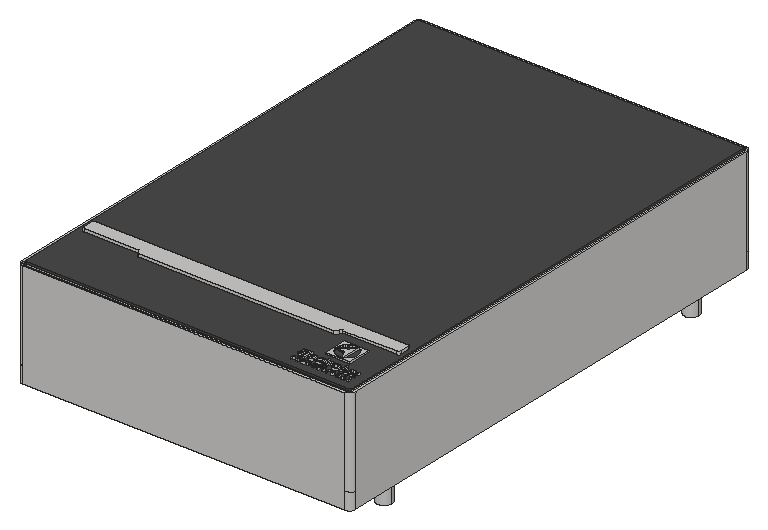
Revit family "QF_ELECTROLUXPROFESSIONAL_600877_E1HDEEOMCS", category Specialty Equipment, Revit 2018 (continued)
Definition of nested family "ELX_Logo_Professional"
  Forms (mm)
    Extrusion 2, solid
      sketch origin (-144.622, -1081.55, 0) x (-1, 0, 0) y (0, -1, 0)
        loop
          line (-146.239, -1091.065) -> (-145.452, -1092.432) -> (-144.488, -1093.693) -> (-143.367, -1094.833) -> (-142.111, -1095.838) -> (-140.741, -1096.693) -> (-139.278, -1097.383) -> (-137.743, -1097.894) -> (-136.157, -1098.211) -> (-134.541, -1098.32) -> (-131.822, -1098.32) -> (-131.976, -1096.81) -> (-132.312, -1095.353) -> (-132.818, -1093.961) -> (-133.481, -1092.644) -> (-134.291, -1091.416) -> (-135.235, -1090.288) -> (-136.302, -1089.272) -> (-137.48, -1088.379) -> (-138.757, -1087.622) -> (-140.121, -1087.012) -> (-141.56, -1086.561) -> (-143.063, -1086.281) -> (-144.633, -1086.183)
          arc (-144.633, -1086.183) -> (-145.985, -1086.264) -> (-147.323, -1086.473) r 14.39
        loop
          line (-111.329, -1069.559) -> (-111.329, -1071.073) -> (-116.048, -1071.073) -> (-116.048, -1072.896) -> (-111.328, -1072.896) -> (-111.328, -1075.549) -> (-116.349, -1075.549) -> (-116.349, -1077.368) -> (-109.396, -1077.368) -> (-109.396, -1073.46) -> (-109.396, -1069.659)
          arc (-109.396, -1069.659) -> (-110.425, -1067.175) -> (-112.909, -1066.146) r 3.513
          line (-112.909, -1066.146) -> (-116.483, -1066.146) -> (-116.483, -1067.963) -> (-112.925, -1067.963)
          arc (-112.925, -1067.963) -> (-111.797, -1068.431) -> (-111.329, -1069.559) r 1.596
        loop
          line (-119.79, -1077.358) -> (-117.856, -1077.358) -> (-117.856, -1072.053) -> (-117.856, -1066.132) -> (-119.79, -1066.132) -> (-119.79, -1072.092) -> (-119.79, -1077.358)
        loop
          line (-122.986, -1069.718) -> (-129.327, -1069.718)
          arc (-129.327, -1069.718) -> (-129.219, -1071.449) -> (-128.497, -1073.026) r 4.757
          arc (-128.497, -1073.026) -> (-125.237, -1074.5) -> (-121.978, -1073.026) r 4.34
          arc (-121.978, -1073.026) -> (-121.072, -1070.207) -> (-121.978, -1067.388) r 4.838
          arc (-121.978, -1067.388) -> (-125.393, -1065.933) -> (-128.809, -1067.388) r 4.737
          line (-128.809, -1067.388) -> (-127.645, -1068.52)
          arc (-127.645, -1068.52) -> (-125.509, -1067.576) -> (-123.374, -1068.52) r 2.888
          arc (-123.374, -1068.52) -> (-123.05, -1069.077) -> (-122.986, -1069.718) r 1.527
        loop
          arc (-127.386, -1071.076) -> (-126.67, -1072.331) -> (-125.331, -1072.872) r 2.201
          arc (-125.331, -1072.872) -> (-123.848, -1072.402) -> (-123.033, -1071.076) r 2.23
          line (-123.033, -1071.076) -> (-127.386, -1071.076)
        loop
          line (-136.862, -1071.886) -> (-138.059, -1073.132)
          arc (-138.059, -1073.132) -> (-130.327, -1070.219) -> (-138.059, -1067.306) r 4.415
          line (-138.059, -1067.306) -> (-136.862, -1068.553)
          arc (-136.862, -1068.553) -> (-132.252, -1070.22) -> (-136.862, -1071.886) r 2.606
        loop
          line (-141.192, -1069.673) -> (-141.192, -1072.494) -> (-142.951, -1072.494) -> (-142.951, -1074.25) -> (-141.195, -1074.25) -> (-141.195, -1077.358) -> (-139.262, -1077.358) -> (-139.262, -1073.332) -> (-139.262, -1069.514)
          arc (-139.262, -1069.514) -> (-140.299, -1066.92) -> (-142.98, -1066.132) r 3.196
          line (-142.98, -1066.132) -> (-142.987, -1067.949)
          arc (-142.987, -1067.949) -> (-141.652, -1068.356) -> (-141.192, -1069.673) r 1.542
        loop
          line (-146.494, -1073.042) -> (-146.494, -1074.25) -> (-144.576, -1074.25) -> (-144.576, -1070.271) -> (-144.576, -1066.132) -> (-146.494, -1066.132) -> (-146.494, -1070.401)
          arc (-146.494, -1070.401) -> (-147.446, -1072.228) -> (-149.489, -1072.494) r 2.229
          line (-149.489, -1072.494) -> (-149.489, -1074.362)
          arc (-149.489, -1074.362) -> (-147.761, -1074.226) -> (-146.494, -1073.042) r 2.627
        loop
          line (-159.833, -1072.246) -> (-159.833, -1066.131) -> (-161.767, -1066.131) -> (-161.767, -1072.17) -> (-161.767, -1077.359) -> (-159.833, -1077.359) -> (-159.833, -1072.246)
        loop
          line (-165.194, -1069.514) -> (-165.194, -1074.25) -> (-163.245, -1074.25) -> (-163.245, -1071.898) -> (-163.245, -1069.098)
          arc (-163.245, -1069.098) -> (-166.96, -1065.769) -> (-170.687, -1069.085) r 3.745
          line (-170.687, -1069.085) -> (-170.687, -1071.898) -> (-170.687, -1074.25) -> (-168.739, -1074.25) -> (-168.739, -1069.514)
          arc (-168.739, -1069.514) -> (-166.967, -1067.742) -> (-165.194, -1069.514) r 1.772
        loop
          line (-174.654, -1070.416) -> (-172.975, -1068.078) -> (-171.578, -1066.131) -> (-173.656, -1066.131) -> (-175.717, -1068.999) -> (-177.779, -1066.131) -> (-179.857, -1066.131) -> (-178, -1068.728) -> (-176.781, -1070.433) -> (-178.29, -1072.488) -> (-179.583, -1074.25) -> (-177.473, -1074.25) -> (-175.717, -1071.818) -> (-173.945, -1074.25) -> (-171.852, -1074.25) -> (-173.052, -1072.608) -> (-174.654, -1070.416)
        loop
          circle (-154.223, -1070.188) r 2.508
        loop
          circle (-154.223, -1070.188) r 4.42
        loop
          line (-110.224, -1058.542) -> (-111.194, -1058.542)
          arc (-111.194, -1058.542) -> (-112.217, -1059.95) -> (-110.924, -1061.114) r 1.3
          line (-110.924, -1061.114) -> (-109.424, -1061.114) -> (-109.424, -1057.223) -> (-110.224, -1057.223) -> (-110.224, -1058.542)
        loop
          line (-110.224, -1060.379) -> (-110.224, -1059.293) -> (-111.03, -1059.293)
          arc (-111.03, -1059.293) -> (-111.43, -1059.836) -> (-111.03, -1060.379) r 0.569
          line (-111.03, -1060.379) -> (-110.224, -1060.379)
        loop
          line (-116.302, -1058.564) -> (-117.128, -1058.564) -> (-117.934, -1057.223) -> (-118.841, -1057.223) -> (-117.833, -1058.884)
          arc (-117.833, -1058.884) -> (-118.214, -1060.282) -> (-117.028, -1061.114) r 1.26
          line (-117.028, -1061.114) -> (-115.503, -1061.114) -> (-115.503, -1057.223) -> (-116.302, -1057.223) -> (-116.302, -1058.564)
        loop
          line (-116.302, -1060.379) -> (-116.302, -1059.293) -> (-117.109, -1059.293)
          arc (-117.109, -1059.293) -> (-117.508, -1059.836) -> (-117.109, -1060.379) r 0.569
          line (-117.109, -1060.379) -> (-116.302, -1060.379)
        loop
          line (-128.923, -1057.223) -> (-129.723, -1057.223) -> (-129.723, -1058.714) -> (-131.187, -1058.714) -> (-131.187, -1059.514) -> (-129.723, -1059.514) -> (-129.723, -1060.314) -> (-131.327, -1060.314) -> (-131.327, -1061.114) -> (-128.923, -1061.114) -> (-128.923, -1057.223)
        loop
          arc (-134.628, -1058.469) -> (-134.992, -1057.588) -> (-135.874, -1057.223) r 1.246
          line (-135.874, -1057.223) -> (-137.13, -1057.223) -> (-137.13, -1058.023) -> (-135.969, -1058.023)
          arc (-135.969, -1058.023) -> (-135.53, -1058.237) -> (-135.427, -1058.714) r 0.558
          line (-135.427, -1058.714) -> (-136.984, -1058.714) -> (-136.984, -1059.514) -> (-135.427, -1059.514) -> (-135.427, -1060.314) -> (-137.092, -1060.314) -> (-137.092, -1061.114) -> (-134.628, -1061.114) -> (-134.628, -1058.469)
        loop
          line (-152.3, -1057.223) -> (-153.1, -1057.223) -> (-153.1, -1061.114) -> (-152.3, -1061.114) -> (-152.3, -1057.223)
        loop
          line (-164.67, -1057.223) -> (-164.67, -1059.67) -> (-166.45, -1057.223) -> (-167.25, -1057.223) -> (-167.25, -1061.114) -> (-166.42, -1061.114) -> (-166.42, -1058.594) -> (-164.64, -1061.114) -> (-163.84, -1061.114) -> (-163.84, -1057.223) -> (-164.67, -1057.223)
        loop
          line (-170.403, -1057.223) -> (-171.262, -1057.223) -> (-171.641, -1058.063) -> (-173.08, -1058.063) -> (-173.459, -1057.223) -> (-174.317, -1057.223) -> (-172.796, -1061.113) -> (-171.996, -1061.113) -> (-170.403, -1057.223)
        loop
          line (-177.493, -1057.223) -> (-179.789, -1057.223) -> (-179.789, -1058.023) -> (-178.293, -1058.023) -> (-178.293, -1061.114) -> (-177.493, -1061.114) -> (-177.493, -1057.223)
        loop
          line (-172.362, -1059.848) -> (-171.945, -1058.83) -> (-172.76, -1058.83) -> (-172.362, -1059.848)
        loop
          circle (-158.484, -1059.145) r 1.288
        loop
          circle (-158.484, -1059.145) r 2.065
        loop
          arc (-146.04, -1058.095) -> (-146.933, -1057.275) -> (-148.145, -1057.245) r 1.725
          arc (-148.145, -1057.245) -> (-148.965, -1058.02) -> (-148.68, -1059.111) r 1.107
          arc (-148.68, -1059.111) -> (-148.103, -1059.465) -> (-147.486, -1059.746) r 5.523
          arc (-147.486, -1059.746) -> (-147.147, -1060.262) -> (-147.708, -1060.52) r 0.407
          arc (-147.708, -1060.52) -> (-148.045, -1060.315) -> (-148.325, -1060.038) r 1.702
          line (-148.325, -1060.038) -> (-149.011, -1060.45)
          arc (-149.011, -1060.45) -> (-148.578, -1060.911) -> (-148.043, -1061.247) r 2.463
          arc (-148.043, -1061.247) -> (-146.373, -1060.466) -> (-147.42, -1058.949) r 1.207
          spline (-147.42, -1058.949) -> (-147.716, -1058.809) -> (-147.932, -1058.678) -> (-148.077, -1058.557) -> (-148.163, -1058.446) -> (-148.198, -1058.347) -> (-148.192, -1058.258) -> (-148.157, -1058.182) -> (-148.102, -1058.118) -> (-148.037, -1058.068) -> (-147.972, -1058.031) -> (-147.917, -1058.008) -> (-147.883, -1058)
          arc (-147.883, -1058) -> (-147.238, -1058.014) -> (-146.759, -1058.446) r 0.925
          line (-146.759, -1058.446) -> (-146.04, -1058.095)
        loop
          arc (-140.18, -1058.095) -> (-141.073, -1057.275) -> (-142.285, -1057.245) r 1.725
          arc (-142.285, -1057.245) -> (-143.106, -1058.02) -> (-142.821, -1059.111) r 1.107
          arc (-142.821, -1059.111) -> (-142.243, -1059.465) -> (-141.627, -1059.746) r 5.523
          arc (-141.627, -1059.746) -> (-141.287, -1060.262) -> (-141.849, -1060.52) r 0.407
          arc (-141.849, -1060.52) -> (-142.185, -1060.315) -> (-142.466, -1060.038) r 1.702
          line (-142.466, -1060.038) -> (-143.151, -1060.45)
          arc (-143.151, -1060.45) -> (-142.719, -1060.911) -> (-142.183, -1061.247) r 2.463
          arc (-142.183, -1061.247) -> (-140.513, -1060.466) -> (-141.56, -1058.949) r 1.207
          spline (-141.56, -1058.949) -> (-141.856, -1058.809) -> (-142.072, -1058.678) -> (-142.218, -1058.557) -> (-142.303, -1058.446) -> (-142.338, -1058.347) -> (-142.333, -1058.258) -> (-142.298, -1058.182) -> (-142.242, -1058.118) -> (-142.177, -1058.068) -> (-142.112, -1058.031) -> (-142.057, -1058.008) -> (-142.023, -1058)
          arc (-142.023, -1058) -> (-141.378, -1058.014) -> (-140.9, -1058.446) r 0.925
          line (-140.9, -1058.446) -> (-140.18, -1058.095)
        loop
          circle (-123.484, -1059.145) r 1.288
        loop
          circle (-123.484, -1059.145) r 2.065
      from 0 to 1.6
  Dimensions and locks
    aligned and locked: plane 2 to Extrusion 1
    aligned and locked: level to Extrusion 1
Types (2, lengths in mm): name | Volts | URL | Manufacturer | Phase | Model | Item Number | Description | Cycle
  (no name) | 0 V | "" | "" | 0 | "" | "" | "" | 0 Hz
  Standard | 220 V | "http://professional.electrolux.com" | "Electrolux Professional" | 1 | "E1HDEEOMCS" | "600877" | "PLUG-IN INDUCTION MONO ZONE COOK TOP" | 60 Hz
